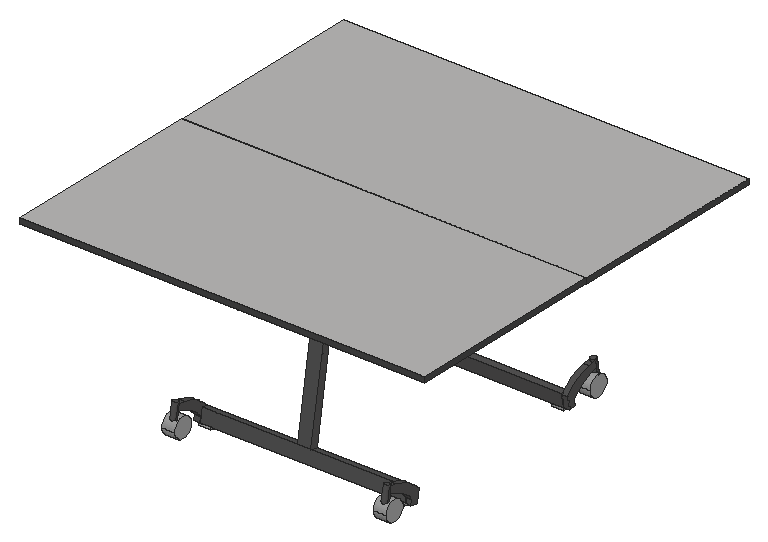
Revit family "22M MT 60 Fixed", category Furniture, Revit 2016 (continued)
Definition of nested family "22M 60 Square"
  Forms (in)
    Extrusion 25, solid, material <- "Frame", visible <- "Closed"
      sketch origin (0, 23.38594, 40.67249) x (0, 0.017452, 0.999848) y (0, 0.999848, -0.017452)
        loop
          line (-5.19876, -23.51275) -> (-7.12731, -23.51275) -> (-7.81854, -23.99675) -> (-14.81854, -23.99675) -> (-14.81854, -26.13514) -> (-5.31854, -26.13514) -> (-5.31854, -25.5626) -> (-4.05386, -25.5626) -> (-4.05386, -25.12248) -> (-2.43704, -25.12248) -> (-2.43704, -23.39043)
      from 23.6148 to 23.7344
    Extrusion 26, solid, material <- "Frame", visible <- "Closed"
      sketch origin (0, -23.48151, 40.67249) x (0, -0.017452, 0.999848) y (0, -0.999848, -0.017452)
        loop
          arc (-2.43704, -23.39043) -> (-2.6018, -22.99268) -> (-2.99954, -22.82793) r 0.5625
          line (-2.99954, -22.82793) -> (-4.54797, -22.82793)
          arc (-4.54797, -22.82793) -> (-4.68885, -22.88628) -> (-4.7472, -23.02716) r 0.19923
          line (-4.7472, -23.02716) -> (-4.80307, -23.23569)
          arc (-4.80307, -23.23569) -> (-4.96774, -23.4216) -> (-5.19876, -23.51275) r 0.53311
          line (-5.19876, -23.51275) -> (-7.12731, -23.51275) -> (-7.81854, -23.99675) -> (-14.81854, -23.99675) -> (-14.81854, -26.13514) -> (-5.31854, -26.13514) -> (-5.31854, -25.5626) -> (-4.05386, -25.5626) -> (-4.05386, -25.12248) -> (-2.43704, -25.12248) -> (-2.43704, -23.39043)
      from -23.8544 to -23.7344
    Extrusion 27, solid, material <- "Frame", visible <- "Closed"
      sketch origin (0, 23.38594, 40.67249) x (0, 0.017452, 0.999848) y (0, 0.999848, -0.017452)
        loop
          arc (-2.43704, -23.39043) -> (-2.6018, -22.99268) -> (-2.99954, -22.82793) r 0.5625
          line (-2.99954, -22.82793) -> (-4.54797, -22.82793)
          arc (-4.54797, -22.82793) -> (-4.68885, -22.88628) -> (-4.7472, -23.02716) r 0.19923
          line (-4.7472, -23.02716) -> (-4.80307, -23.23569)
          arc (-4.80307, -23.23569) -> (-4.96774, -23.4216) -> (-5.19876, -23.51275) r 0.53311
          line (-5.19876, -23.51275) -> (-7.12731, -23.51275) -> (-7.81854, -23.99675) -> (-14.81854, -23.99675) -> (-14.81854, -26.13514) -> (-5.31854, -26.13514) -> (-5.31854, -25.5626) -> (-4.05386, -25.5626) -> (-4.05386, -25.12248) -> (-2.43704, -25.12248) -> (-2.43704, -23.39043)
      from 17.25 to 17.375
    Extrusion 28, solid, material <- "Frame", visible <- "Closed"
      sketch origin (0, -23.48151, 40.67249) x (0, -0.017452, 0.999848) y (0, -0.999848, -0.017452)
        loop
          arc (-2.43704, -23.39043) -> (-2.6018, -22.99268) -> (-2.99954, -22.82793) r 0.5625
          line (-2.99954, -22.82793) -> (-4.54797, -22.82793)
          arc (-4.54797, -22.82793) -> (-4.68885, -22.88628) -> (-4.7472, -23.02716) r 0.19923
          line (-4.7472, -23.02716) -> (-4.80307, -23.23569)
          arc (-4.80307, -23.23569) -> (-4.96774, -23.4216) -> (-5.19876, -23.51275) r 0.53311
          line (-5.19876, -23.51275) -> (-7.12731, -23.51275) -> (-7.81854, -23.99675) -> (-14.81854, -23.99675) -> (-14.81854, -26.13514) -> (-5.31854, -26.13514) -> (-5.31854, -25.5626) -> (-4.05386, -25.5626) -> (-4.05386, -25.12248) -> (-2.43704, -25.12248) -> (-2.43704, -23.39043)
      from -17.5 to -17.375
  Dimensions and locks (in)
    locked: plane 5 to plane 6 at 2.125
    locked: plane 4 to plane 5 at 0.8125
    "Height": plane 4 to level
    aligned and locked: level to plane 2
    aligned and locked: plane 5 to Extrusion 1
    aligned and locked: Extrusion 1 to plane 6
    aligned and locked: plane 4 to Extrusion 2
    aligned and locked: Extrusion 2 to plane 5
    aligned and locked: plane 4 to Extrusion 6
    aligned and locked: Extrusion 6 to plane 5
    aligned and locked: Extrusion 5 to plane 6
    aligned and locked: plane 5 to Extrusion 5
  Automatic sketch dimensions
    Extrusion 1 sketch curve to plane 3 "Center Left/Right" = 0' - 0"  (x2)
    Extrusion 1 sketch curve to plane 3 "Center Left/Right" = 1' - 6.87392"
    Extrusion 1 sketch curve to Extrusion 1 sketch curve = 0' - 0.38268"  (x4)
    plane 1 "Center Front/Back" to Extrusion 1 sketch curve = 0' - 8.11796"
    Extrusion 1 sketch curve to Extrusion 1 sketch curve = 0' - 4.42718"  (x2)
    plane 1 "Center Front/Back" to Extrusion 1 sketch curve = 0' - 8.21742"
    Extrusion 1 sketch curve to Extrusion 1 sketch curve = 0' - 0 1/2"  (x2)
    plane 3 "Center Left/Right" to Extrusion 1 sketch curve = 1' - 6.87392"
    plane 1 "Center Front/Back" to Extrusion 1 sketch curve = 0' - 5 1/16"
    Extrusion 1 sketch curve to Extrusion 1 sketch curve = 1' - 1.74361"
    Extrusion 1 sketch curve to Extrusion 1 sketch curve = 0' - 10.68815"
    Extrusion 1 sketch curve to Extrusion 1 sketch curve = 0' - 7.81783"
    Extrusion 1 sketch curve to Extrusion 1 sketch curve = 0' - 0.5412"
    Extrusion 1 sketch curve to Extrusion 1 sketch curve = 0' - 3.15492"
    Extrusion 1 sketch curve to Extrusion 1 sketch curve = 0' - 0.09946"
    Extrusion 1 sketch curve to Extrusion 1 sketch curve = 0' - 3.05546"
    Extrusion 2 sketch curve to plane 3 "Center Left/Right" = 2' - 6"
    plane 3 "Center Left/Right" to Extrusion 2 sketch curve = 2' - 6"
    plane 1 "Center Front/Back" to Extrusion 2 sketch curve = 2' - 6"
    plane 1 "Center Front/Back" to Extrusion 2 sketch curve = 0' - 0 1/16"
    Extrusion 3 sketch curve to plane 3 "Center Left/Right" = 0' - 0"  (x2)
    Extrusion 3 sketch curve to plane 3 "Center Left/Right" = 1' - 6.87392"
    Extrusion 3 sketch curve to Extrusion 3 sketch curve = 0' - 0.38268"  (x4)
    Extrusion 3 sketch curve to Extrusion 3 sketch curve = 0' - 4.42718"  (x2)
    Extrusion 3 sketch curve to Extrusion 3 sketch curve = 0' - 0 1/2"  (x2)
    plane 3 "Center Left/Right" to Extrusion 3 sketch curve = 1' - 6.87392"
    Extrusion 3 sketch curve to Extrusion 3 sketch curve = 0' - 0.5412"
    Extrusion 3 sketch curve to Extrusion 3 sketch curve = 0' - 7.43515"  (x2)
    Extrusion 3 sketch curve to Extrusion 3 sketch curve = 0' - 10.58869"  (x2)
    Extrusion 3 sketch curve to Extrusion 3 sketch curve = 0' - 0.09946"  (x2)
    Extrusion 3 sketch curve to Extrusion 3 sketch curve = 0' - 3.05546"  (x2)
    Extrusion 4 sketch curve to plane 3 "Center Left/Right" = 2' - 6"
    plane 3 "Center Left/Right" to Extrusion 4 sketch curve = 2' - 6"
    Extrusion 4 sketch curve to Extrusion 4 sketch curve = 2' - 5 15/16"
    Extrusion 5 sketch curve to plane 3 "Center Left/Right" = 0' - 0"  (x2)
    plane 3 "Center Left/Right" to Extrusion 5 sketch curve = 1' - 6.87392"
    Extrusion 5 sketch curve to Extrusion 5 sketch curve = 0' - 0.38268"  (x4)
    Extrusion 5 sketch curve to plane 1 "Center Front/Back" = 0' - 8.11796"
    Extrusion 5 sketch curve to Extrusion 5 sketch curve = 0' - 4.42718"  (x2)
    Extrusion 5 sketch curve to Extrusion 5 sketch curve = 0' - 0 1/2"  (x2)
    Extrusion 5 sketch curve to plane 3 "Center Left/Right" = 1' - 6.87392"
    Extrusion 5 sketch curve to plane 1 "Center Front/Back" = 0' - 5 1/16"
    Extrusion 5 sketch curve to Extrusion 5 sketch curve = 0' - 3.05546"  (x2)
    Extrusion 5 sketch curve to Extrusion 5 sketch curve = 0' - 0.09946"  (x2)
    Extrusion 5 sketch curve to Extrusion 5 sketch curve = 0' - 10.68815"  (x2)
    Extrusion 5 sketch curve to Extrusion 5 sketch curve = 0' - 7.81783"
    Extrusion 5 sketch curve to Extrusion 5 sketch curve = 0' - 0.5412"
    plane 3 "Center Left/Right" to Extrusion 6 sketch curve = 2' - 6"
    Extrusion 6 sketch curve to plane 3 "Center Left/Right" = 2' - 6"
    Extrusion 6 sketch curve to plane 1 "Center Front/Back" = 2' - 6"
    Extrusion 6 sketch curve to plane 1 "Center Front/Back" = 0' - 0 1/16"
    Extrusion 7 sketch curve to plane 3 "Center Left/Right" = 0' - 0"  (x2)
    plane 3 "Center Left/Right" to Extrusion 7 sketch curve = 1' - 6.87392"
    Extrusion 7 sketch curve to Extrusion 7 sketch curve = 0' - 0.38268"  (x4)
    Extrusion 7 sketch curve to Extrusion 7 sketch curve = 0' - 4.42718"  (x2)
    Extrusion 7 sketch curve to Extrusion 7 sketch curve = 0' - 0 1/2"  (x2)
    Extrusion 7 sketch curve to plane 3 "Center Left/Right" = 1' - 6.87392"
    Extrusion 7 sketch curve to Extrusion 7 sketch curve = 0' - 0.5412"
    Extrusion 7 sketch curve to Extrusion 7 sketch curve = 0' - 7.43515"  (x2)
    Extrusion 7 sketch curve to Extrusion 7 sketch curve = 0' - 10.58869"  (x2)
    Extrusion 7 sketch curve to Extrusion 7 sketch curve = 0' - 0.09946"  (x2)
    Extrusion 7 sketch curve to Extrusion 7 sketch curve = 0' - 3.05546"  (x2)
    plane 3 "Center Left/Right" to Extrusion 8 sketch curve = 2' - 6"
    Extrusion 8 sketch curve to plane 3 "Center Left/Right" = 2' - 6"
    Extrusion 8 sketch curve to Extrusion 8 sketch curve = 2' - 5 15/16"
    plane 1 "Center Front/Back" to Extrusion 9 sketch curve = 0' - 7.89419"
    Extrusion 9 sketch curve to Extrusion 9 sketch curve = 0' - 3.0274"
    Extrusion 9 sketch curve to Extrusion 9 sketch curve = 0' - 0.69123"
    plane 1 "Center Front/Back" to Extrusion 9 sketch curve = 0' - 2.36678"
    Extrusion 9 sketch curve to Extrusion 9 sketch curve = 0' - 1.8538"
    Extrusion 9 sketch curve to Extrusion 9 sketch curve = 0' - 0.07475"
    Extrusion 9 sketch curve to Extrusion 9 sketch curve = 0' - 0.39569"
    Extrusion 9 sketch curve to Extrusion 9 sketch curve = 0' - 0.05587"
    Extrusion 9 sketch curve to Extrusion 9 sketch curve = 0' - 0 51/256"
    plane 1 "Center Front/Back" to Extrusion 9 sketch curve = 0' - 1.1021"
    plane 1 "Center Front/Back" to Extrusion 9 sketch curve = 0' - 0.04778"
    Extrusion 9 sketch curve to plane 1 "Center Front/Back" = 0' - 0.51472"
    Extrusion 9 sketch curve to plane 6 = 0' - 1.18221"
    Extrusion 9 sketch curve to Extrusion 9 sketch curve = 0' - 0.04225"
    Extrusion 9 sketch curve to Extrusion 9 sketch curve = 0' - 0.20852"
    Extrusion 9 sketch curve to Extrusion 9 sketch curve = 0' - 0.484"
    Extrusion 9 sketch curve to Extrusion 9 sketch curve = 0' - 1.73205"
    Extrusion 9 sketch curve to Extrusion 9 sketch curve = 0' - 0.44012"
    Extrusion 9 sketch curve to Extrusion 9 sketch curve = 0' - 0.57255"
    plane 1 "Center Front/Back" to Extrusion 10 sketch curve = 0' - 0.86578"
    plane 6 to Extrusion 10 sketch curve = 0' - 0.2125"
    Extrusion 10 sketch curve to Extrusion 10 sketch curve = 0' - 7"
    Extrusion 10 sketch curve to Extrusion 10 sketch curve = 0' - 0.69123"
    Extrusion 10 sketch curve to Extrusion 10 sketch curve = 0' - 1.80877"
    Extrusion 10 sketch curve to Extrusion 10 sketch curve = 0' - 1.8538"
    Extrusion 10 sketch curve to Extrusion 10 sketch curve = 0' - 0.07475"
    Extrusion 10 sketch curve to Extrusion 10 sketch curve = 0' - 0.39569"
    Extrusion 10 sketch curve to Extrusion 10 sketch curve = 0' - 0.05587"
    Extrusion 10 sketch curve to Extrusion 10 sketch curve = 0' - 0 51/256"
    Extrusion 10 sketch curve to Extrusion 10 sketch curve = 0' - 1.26468"
    Extrusion 10 sketch curve to Extrusion 10 sketch curve = 0' - 1.54842"
    Extrusion 10 sketch curve to Extrusion 10 sketch curve = 0' - 1.61682"
    Extrusion 10 sketch curve to Extrusion 10 sketch curve = 0' - 0.484"
    Extrusion 10 sketch curve to Extrusion 10 sketch curve = 0' - 0.12232"
    Extrusion 10 sketch curve to Extrusion 10 sketch curve = 0' - 0.20852"
    Extrusion 10 sketch curve to Extrusion 10 sketch curve = 0' - 1.73205"
    Extrusion 10 sketch curve to Extrusion 10 sketch curve = 0' - 0.44012"
    Extrusion 10 sketch curve to Extrusion 10 sketch curve = 0' - 0.57255"
    Extrusion 11 sketch curve to plane 1 "Center Front/Back" = 0' - 8.09355"
    Extrusion 11 sketch curve to Extrusion 11 sketch curve = 0' - 3.32234"
    Extrusion 11 sketch curve to Extrusion 11 sketch curve = 0' - 0.69123"
    Extrusion 11 sketch curve to plane 1 "Center Front/Back" = 0' - 2.27122"
    Extrusion 11 sketch curve to Extrusion 11 sketch curve = 0' - 1.8538"
    Extrusion 11 sketch curve to Extrusion 11 sketch curve = 0' - 0.07475"
    Extrusion 11 sketch curve to Extrusion 11 sketch curve = 0' - 0.39569"
    Extrusion 11 sketch curve to Extrusion 11 sketch curve = 0' - 0.05587"
    Extrusion 11 sketch curve to Extrusion 11 sketch curve = 0' - 0 51/256"
    Extrusion 11 sketch curve to plane 1 "Center Front/Back" = 0' - 1.00653"
    plane 1 "Center Front/Back" to Extrusion 11 sketch curve = 0' - 0.04778"
    plane 1 "Center Front/Back" to Extrusion 11 sketch curve = 0' - 0.61028"
    Extrusion 11 sketch curve to plane 6 = 0' - 1.18221"
    Extrusion 11 sketch curve to Extrusion 11 sketch curve = 0' - 0.04225"
    Extrusion 11 sketch curve to Extrusion 11 sketch curve = 0' - 0.20852"
    Extrusion 11 sketch curve to Extrusion 11 sketch curve = 0' - 0.484"
    Extrusion 11 sketch curve to Extrusion 11 sketch curve = 0' - 1.73205"
    Extrusion 11 sketch curve to Extrusion 11 sketch curve = 0' - 0.44012"
    Extrusion 11 sketch curve to Extrusion 11 sketch curve = 0' - 0.57255"
    Extrusion 12 sketch curve to plane 1 "Center Front/Back" = 0' - 0.77021"
    plane 6 to Extrusion 12 sketch curve = 0' - 0.2125"
    Extrusion 12 sketch curve to Extrusion 12 sketch curve = 0' - 7"
    Extrusion 12 sketch curve to Extrusion 12 sketch curve = 0' - 0.69123"
    Extrusion 12 sketch curve to Extrusion 12 sketch curve = 0' - 1.80877"
    Extrusion 12 sketch curve to Extrusion 12 sketch curve = 0' - 1.8538"
    Extrusion 12 sketch curve to Extrusion 12 sketch curve = 0' - 0.07475"
    Extrusion 12 sketch curve to Extrusion 12 sketch curve = 0' - 0.39569"
    Extrusion 12 sketch curve to Extrusion 12 sketch curve = 0' - 0.05587"
    Extrusion 12 sketch curve to Extrusion 12 sketch curve = 0' - 0 51/256"
    Extrusion 12 sketch curve to Extrusion 12 sketch curve = 0' - 1.26468"
    Extrusion 12 sketch curve to Extrusion 12 sketch curve = 0' - 1.54842"
    Extrusion 12 sketch curve to Extrusion 12 sketch curve = 0' - 1.61682"
    Extrusion 12 sketch curve to Extrusion 12 sketch curve = 0' - 0.484"
    Extrusion 12 sketch curve to Extrusion 12 sketch curve = 0' - 0.12232"
    Extrusion 12 sketch curve to Extrusion 12 sketch curve = 0' - 0.20852"
    Extrusion 12 sketch curve to Extrusion 12 sketch curve = 0' - 1.73205"
    Extrusion 12 sketch curve to Extrusion 12 sketch curve = 0' - 0.44012"
    Extrusion 12 sketch curve to Extrusion 12 sketch curve = 0' - 0.57255"
    plane 1 "Center Front/Back" to Extrusion 13 sketch curve = 0' - 7.89419"
    Extrusion 13 sketch curve to Extrusion 13 sketch curve = 0' - 3.0274"
    Extrusion 13 sketch curve to Extrusion 13 sketch curve = 0' - 0.69123"
    plane 1 "Center Front/Back" to Extrusion 13 sketch curve = 0' - 2.36678"
    Extrusion 13 sketch curve to Extrusion 13 sketch curve = 0' - 1.8538"
    Extrusion 13 sketch curve to Extrusion 13 sketch curve = 0' - 0.07475"
    Extrusion 13 sketch curve to Extrusion 13 sketch curve = 0' - 0.39569"
    Extrusion 13 sketch curve to Extrusion 13 sketch curve = 0' - 0.05587"
    Extrusion 13 sketch curve to Extrusion 13 sketch curve = 0' - 0 51/256"
    plane 1 "Center Front/Back" to Extrusion 13 sketch curve = 0' - 1.1021"
    plane 1 "Center Front/Back" to Extrusion 13 sketch curve = 0' - 0.04778"
    Extrusion 13 sketch curve to plane 1 "Center Front/Back" = 0' - 0.51472"
    Extrusion 13 sketch curve to plane 6 = 0' - 1.18221"
    Extrusion 13 sketch curve to Extrusion 13 sketch curve = 0' - 0.04225"
    Extrusion 13 sketch curve to Extrusion 13 sketch curve = 0' - 0.20852"
    Extrusion 13 sketch curve to Extrusion 13 sketch curve = 0' - 0.484"
    Extrusion 13 sketch curve to Extrusion 13 sketch curve = 0' - 1.73205"
    Extrusion 13 sketch curve to Extrusion 13 sketch curve = 0' - 0.44012"
    Extrusion 13 sketch curve to Extrusion 13 sketch curve = 0' - 0.57255"
    Extrusion 14 sketch curve to plane 1 "Center Front/Back" = 0' - 8.09355"
    Extrusion 14 sketch curve to Extrusion 14 sketch curve = 0' - 3.32234"
    Extrusion 14 sketch curve to Extrusion 14 sketch curve = 0' - 0.69123"
    Extrusion 14 sketch curve to plane 1 "Center Front/Back" = 0' - 2.27122"
    Extrusion 14 sketch curve to Extrusion 14 sketch curve = 0' - 1.8538"
    Extrusion 14 sketch curve to Extrusion 14 sketch curve = 0' - 0.07475"
    Extrusion 14 sketch curve to Extrusion 14 sketch curve = 0' - 0.39569"
    Extrusion 14 sketch curve to Extrusion 14 sketch curve = 0' - 0.05587"
    Extrusion 14 sketch curve to Extrusion 14 sketch curve = 0' - 0 51/256"
    Extrusion 14 sketch curve to plane 1 "Center Front/Back" = 0' - 1.00653"
    plane 1 "Center Front/Back" to Extrusion 14 sketch curve = 0' - 0.04778"
    plane 1 "Center Front/Back" to Extrusion 14 sketch curve = 0' - 0.61028"
    Extrusion 14 sketch curve to plane 6 = 0' - 1.18221"
    Extrusion 14 sketch curve to Extrusion 14 sketch curve = 0' - 0.04225"
    Extrusion 14 sketch curve to Extrusion 14 sketch curve = 0' - 0.20852"
    Extrusion 14 sketch curve to Extrusion 14 sketch curve = 0' - 0.484"
    Extrusion 14 sketch curve to Extrusion 14 sketch curve = 0' - 1.73205"
    Extrusion 14 sketch curve to Extrusion 14 sketch curve = 0' - 0.44012"
    Extrusion 14 sketch curve to Extrusion 14 sketch curve = 0' - 0.57255"
    plane 1 "Center Front/Back" to Extrusion 15 sketch curve = 0' - 0.86578"
    plane 6 to Extrusion 15 sketch curve = 0' - 0.2125"
    Extrusion 15 sketch curve to Extrusion 15 sketch curve = 0' - 7"
    Extrusion 15 sketch curve to Extrusion 15 sketch curve = 0' - 0.69123"
    Extrusion 15 sketch curve to Extrusion 15 sketch curve = 0' - 1.80877"
    Extrusion 15 sketch curve to Extrusion 15 sketch curve = 0' - 1.8538"
    Extrusion 15 sketch curve to Extrusion 15 sketch curve = 0' - 0.07475"
    Extrusion 15 sketch curve to Extrusion 15 sketch curve = 0' - 0.39569"
    Extrusion 15 sketch curve to Extrusion 15 sketch curve = 0' - 0.05587"
    Extrusion 15 sketch curve to Extrusion 15 sketch curve = 0' - 0 51/256"
    Extrusion 15 sketch curve to Extrusion 15 sketch curve = 0' - 1.26468"
    Extrusion 15 sketch curve to Extrusion 15 sketch curve = 0' - 1.54842"
    Extrusion 15 sketch curve to Extrusion 15 sketch curve = 0' - 1.61682"
    Extrusion 15 sketch curve to Extrusion 15 sketch curve = 0' - 0.484"
    Extrusion 15 sketch curve to Extrusion 15 sketch curve = 0' - 0.12232"
    Extrusion 15 sketch curve to Extrusion 15 sketch curve = 0' - 0.20852"
    Extrusion 15 sketch curve to Extrusion 15 sketch curve = 0' - 1.73205"
    Extrusion 15 sketch curve to Extrusion 15 sketch curve = 0' - 0.44012"
    Extrusion 15 sketch curve to Extrusion 15 sketch curve = 0' - 0.57255"
    Extrusion 16 sketch curve to plane 1 "Center Front/Back" = 0' - 0.77021"
    plane 6 to Extrusion 16 sketch curve = 0' - 0.2125"
    Extrusion 16 sketch curve to Extrusion 16 sketch curve = 0' - 7"
    Extrusion 16 sketch curve to Extrusion 16 sketch curve = 0' - 0.69123"
    Extrusion 16 sketch curve to Extrusion 16 sketch curve = 0' - 1.80877"
    Extrusion 16 sketch curve to Extrusion 16 sketch curve = 0' - 1.8538"
    Extrusion 16 sketch curve to Extrusion 16 sketch curve = 0' - 0.07475"
    Extrusion 16 sketch curve to Extrusion 16 sketch curve = 0' - 0.39569"
    Extrusion 16 sketch curve to Extrusion 16 sketch curve = 0' - 0.05587"
    Extrusion 16 sketch curve to Extrusion 16 sketch curve = 0' - 0 51/256"
    Extrusion 16 sketch curve to Extrusion 16 sketch curve = 0' - 1.26468"
    Extrusion 16 sketch curve to Extrusion 16 sketch curve = 0' - 1.54842"
    Extrusion 16 sketch curve to Extrusion 16 sketch curve = 0' - 1.61682"
    Extrusion 16 sketch curve to Extrusion 16 sketch curve = 0' - 0.484"
    Extrusion 16 sketch curve to Extrusion 16 sketch curve = 0' - 0.12232"
    Extrusion 16 sketch curve to Extrusion 16 sketch curve = 0' - 0.20852"
    Extrusion 16 sketch curve to Extrusion 16 sketch curve = 0' - 1.73205"
    Extrusion 16 sketch curve to Extrusion 16 sketch curve = 0' - 0.44012"
    Extrusion 16 sketch curve to Extrusion 16 sketch curve = 0' - 0.57255"
    Extrusion 17 sketch curve to plane 1 "Center Front/Back" = 0' - 0.77021"
    plane 6 to Extrusion 17 sketch curve = 0' - 0.2125"
    Extrusion 17 sketch curve to Extrusion 17 sketch curve = 0' - 7"
    Extrusion 17 sketch curve to Extrusion 17 sketch curve = 0' - 0.69123"
    Extrusion 17 sketch curve to Extrusion 17 sketch curve = 0' - 1.80877"
    Extrusion 17 sketch curve to Extrusion 17 sketch curve = 0' - 1.8538"
    Extrusion 17 sketch curve to Extrusion 17 sketch curve = 0' - 0.07475"
    Extrusion 17 sketch curve to Extrusion 17 sketch curve = 0' - 0.39569"
    Extrusion 17 sketch curve to Extrusion 17 sketch curve = 0' - 0.05587"
    Extrusion 17 sketch curve to Extrusion 17 sketch curve = 0' - 0 51/256"
    Extrusion 17 sketch curve to Extrusion 17 sketch curve = 0' - 1.26468"
    Extrusion 17 sketch curve to Extrusion 17 sketch curve = 0' - 1.54842"
    Extrusion 17 sketch curve to Extrusion 17 sketch curve = 0' - 1.61682"
    Extrusion 17 sketch curve to Extrusion 17 sketch curve = 0' - 0.484"
    Extrusion 17 sketch curve to Extrusion 17 sketch curve = 0' - 0.12232"
    Extrusion 17 sketch curve to Extrusion 17 sketch curve = 0' - 0.20852"
    Extrusion 17 sketch curve to Extrusion 17 sketch curve = 0' - 1.73205"
    Extrusion 17 sketch curve to Extrusion 17 sketch curve = 0' - 0.44012"
    Extrusion 17 sketch curve to Extrusion 17 sketch curve = 0' - 0.57255"
    Extrusion 18 sketch curve to plane 1 "Center Front/Back" = 0' - 8.09355"
    Extrusion 18 sketch curve to Extrusion 18 sketch curve = 0' - 3.32234"
    Extrusion 18 sketch curve to Extrusion 18 sketch curve = 0' - 0.69123"
    Extrusion 18 sketch curve to plane 1 "Center Front/Back" = 0' - 2.27122"
    Extrusion 18 sketch curve to Extrusion 18 sketch curve = 0' - 1.8538"
    Extrusion 18 sketch curve to Extrusion 18 sketch curve = 0' - 0.07475"
    Extrusion 18 sketch curve to Extrusion 18 sketch curve = 0' - 0.39569"
    Extrusion 18 sketch curve to Extrusion 18 sketch curve = 0' - 0.05587"
    Extrusion 18 sketch curve to Extrusion 18 sketch curve = 0' - 0 51/256"
    Extrusion 18 sketch curve to plane 1 "Center Front/Back" = 0' - 1.00653"
    plane 1 "Center Front/Back" to Extrusion 18 sketch curve = 0' - 0.04778"
    plane 1 "Center Front/Back" to Extrusion 18 sketch curve = 0' - 0.61028"
    Extrusion 18 sketch curve to plane 6 = 0' - 1.18221"
    Extrusion 18 sketch curve to Extrusion 18 sketch curve = 0' - 0.04225"
    Extrusion 18 sketch curve to Extrusion 18 sketch curve = 0' - 0.20852"
    Extrusion 18 sketch curve to Extrusion 18 sketch curve = 0' - 0.484"
    Extrusion 18 sketch curve to Extrusion 18 sketch curve = 0' - 1.73205"
    Extrusion 18 sketch curve to Extrusion 18 sketch curve = 0' - 0.44012"
    Extrusion 18 sketch curve to Extrusion 18 sketch curve = 0' - 0.57255"
    plane 1 "Center Front/Back" to Extrusion 19 sketch curve = 0' - 7.89419"
    Extrusion 19 sketch curve to Extrusion 19 sketch curve = 0' - 3.0274"
    Extrusion 19 sketch curve to Extrusion 19 sketch curve = 0' - 0.69123"
    plane 1 "Center Front/Back" to Extrusion 19 sketch curve = 0' - 2.36678"
    Extrusion 19 sketch curve to Extrusion 19 sketch curve = 0' - 1.8538"
    Extrusion 19 sketch curve to Extrusion 19 sketch curve = 0' - 0.07475"
    Extrusion 19 sketch curve to Extrusion 19 sketch curve = 0' - 0.39569"
    Extrusion 19 sketch curve to Extrusion 19 sketch curve = 0' - 0.05587"
    Extrusion 19 sketch curve to Extrusion 19 sketch curve = 0' - 0 51/256"
    plane 1 "Center Front/Back" to Extrusion 19 sketch curve = 0' - 1.1021"
    plane 1 "Center Front/Back" to Extrusion 19 sketch curve = 0' - 0.04778"
    Extrusion 19 sketch curve to plane 1 "Center Front/Back" = 0' - 0.51472"
    plane 6 to Extrusion 19 sketch curve = 0' - 2 1/8"
    Extrusion 19 sketch curve to Extrusion 19 sketch curve = 0' - 0.57255"
    Extrusion 19 sketch curve to Extrusion 19 sketch curve = 0' - 0.44012"
    Extrusion 19 sketch curve to Extrusion 19 sketch curve = 0' - 1.56584"
    Extrusion 19 sketch curve to Extrusion 19 sketch curve = 0' - 0.484"
    Extrusion 19 sketch curve to Extrusion 19 sketch curve = 0' - 1.73205"
    Extrusion 19 sketch curve to Extrusion 19 sketch curve = 0' - 0.20852"
    Extrusion 20 sketch curve to plane 1 "Center Front/Back" = 0' - 8.09355"
    Extrusion 20 sketch curve to Extrusion 20 sketch curve = 0' - 3.32234"
    Extrusion 20 sketch curve to Extrusion 20 sketch curve = 0' - 0.69123"
    Extrusion 20 sketch curve to plane 1 "Center Front/Back" = 0' - 2.27122"
    Extrusion 20 sketch curve to Extrusion 20 sketch curve = 0' - 1.8538"
    Extrusion 20 sketch curve to Extrusion 20 sketch curve = 0' - 0.07475"
    Extrusion 20 sketch curve to Extrusion 20 sketch curve = 0' - 0.39569"
    Extrusion 20 sketch curve to Extrusion 20 sketch curve = 0' - 0.05587"
    Extrusion 20 sketch curve to Extrusion 20 sketch curve = 0' - 0 51/256"
    Extrusion 20 sketch curve to plane 1 "Center Front/Back" = 0' - 1.00653"
    plane 1 "Center Front/Back" to Extrusion 20 sketch curve = 0' - 0.04778"
    plane 1 "Center Front/Back" to Extrusion 20 sketch curve = 0' - 0.61028"
    plane 6 to Extrusion 20 sketch curve = 0' - 2 1/8"
    Extrusion 20 sketch curve to Extrusion 20 sketch curve = 0' - 0.57255"
    Extrusion 20 sketch curve to Extrusion 20 sketch curve = 0' - 0.44012"
    Extrusion 20 sketch curve to Extrusion 20 sketch curve = 0' - 1.56584"
    Extrusion 20 sketch curve to Extrusion 20 sketch curve = 0' - 0.484"
    Extrusion 20 sketch curve to Extrusion 20 sketch curve = 0' - 1.73205"
    Extrusion 20 sketch curve to Extrusion 20 sketch curve = 0' - 0.20852"
    plane 1 "Center Front/Back" to Extrusion 21 sketch curve = 0' - 7.89419"
    Extrusion 21 sketch curve to Extrusion 21 sketch curve = 0' - 3.0274"
    Extrusion 21 sketch curve to Extrusion 21 sketch curve = 0' - 0.69123"
    plane 1 "Center Front/Back" to Extrusion 21 sketch curve = 0' - 2.36678"
    Extrusion 21 sketch curve to Extrusion 21 sketch curve = 0' - 1.8538"
    Extrusion 21 sketch curve to Extrusion 21 sketch curve = 0' - 0.07475"
    Extrusion 21 sketch curve to Extrusion 21 sketch curve = 0' - 0.39569"
    Extrusion 21 sketch curve to Extrusion 21 sketch curve = 0' - 0.05587"
    Extrusion 21 sketch curve to Extrusion 21 sketch curve = 0' - 0 51/256"
    plane 1 "Center Front/Back" to Extrusion 21 sketch curve = 0' - 1.1021"
    plane 1 "Center Front/Back" to Extrusion 21 sketch curve = 0' - 0.04778"
    Extrusion 21 sketch curve to plane 1 "Center Front/Back" = 0' - 0.51472"
    plane 6 to Extrusion 21 sketch curve = 0' - 2 1/8"
    Extrusion 21 sketch curve to Extrusion 21 sketch curve = 0' - 0.57255"
    Extrusion 21 sketch curve to Extrusion 21 sketch curve = 0' - 0.44012"
    Extrusion 21 sketch curve to Extrusion 21 sketch curve = 0' - 1.56584"
    Extrusion 21 sketch curve to Extrusion 21 sketch curve = 0' - 0.484"
    Extrusion 21 sketch curve to Extrusion 21 sketch curve = 0' - 1.73205"
    Extrusion 21 sketch curve to Extrusion 21 sketch curve = 0' - 0.20852"
    Extrusion 22 sketch curve to plane 1 "Center Front/Back" = 0' - 8.09355"
    Extrusion 22 sketch curve to Extrusion 22 sketch curve = 0' - 3.32234"
    Extrusion 22 sketch curve to Extrusion 22 sketch curve = 0' - 0.69123"
    Extrusion 22 sketch curve to plane 1 "Center Front/Back" = 0' - 2.27122"
    Extrusion 22 sketch curve to Extrusion 22 sketch curve = 0' - 1.8538"
    Extrusion 22 sketch curve to Extrusion 22 sketch curve = 0' - 0.07475"
    Extrusion 22 sketch curve to Extrusion 22 sketch curve = 0' - 0.39569"
    Extrusion 22 sketch curve to Extrusion 22 sketch curve = 0' - 0.05587"
    Extrusion 22 sketch curve to Extrusion 22 sketch curve = 0' - 0 51/256"
    Extrusion 22 sketch curve to plane 1 "Center Front/Back" = 0' - 1.00653"
    plane 1 "Center Front/Back" to Extrusion 22 sketch curve = 0' - 0.04778"
    plane 1 "Center Front/Back" to Extrusion 22 sketch curve = 0' - 0.61028"
    plane 6 to Extrusion 22 sketch curve = 0' - 2 1/8"
    Extrusion 22 sketch curve to Extrusion 22 sketch curve = 0' - 0.57255"
    Extrusion 22 sketch curve to Extrusion 22 sketch curve = 0' - 0.44012"
    Extrusion 22 sketch curve to Extrusion 22 sketch curve = 0' - 1.56584"
    Extrusion 22 sketch curve to Extrusion 22 sketch curve = 0' - 0.484"
    Extrusion 22 sketch curve to Extrusion 22 sketch curve = 0' - 1.73205"
    Extrusion 22 sketch curve to Extrusion 22 sketch curve = 0' - 0.20852"
    Extrusion 23 sketch curve to plane 1 "Center Front/Back" = 0' - 0.77021"
    plane 6 to Extrusion 23 sketch curve = 0' - 0.2125"
    Extrusion 23 sketch curve to Extrusion 23 sketch curve = 0' - 7"
    Extrusion 23 sketch curve to Extrusion 23 sketch curve = 0' - 0.69123"
    Extrusion 23 sketch curve to Extrusion 23 sketch curve = 0' - 1.80877"
    Extrusion 23 sketch curve to Extrusion 23 sketch curve = 0' - 1.8538"
    Extrusion 23 sketch curve to Extrusion 23 sketch curve = 0' - 0.07475"
    Extrusion 23 sketch curve to Extrusion 23 sketch curve = 0' - 0.39569"
    Extrusion 23 sketch curve to Extrusion 23 sketch curve = 0' - 0.05587"
    Extrusion 23 sketch curve to Extrusion 23 sketch curve = 0' - 0 51/256"
    Extrusion 23 sketch curve to Extrusion 23 sketch curve = 0' - 1.26468"
    Extrusion 23 sketch curve to Extrusion 23 sketch curve = 0' - 1.54842"
    Extrusion 23 sketch curve to Extrusion 23 sketch curve = 0' - 1.61682"
    Extrusion 23 sketch curve to Extrusion 23 sketch curve = 0' - 1.12572"
    Extrusion 23 sketch curve to Extrusion 23 sketch curve = 0' - 0.44012"
    Extrusion 23 sketch curve to Extrusion 23 sketch curve = 0' - 2.13839"
    Extrusion 23 sketch curve to Extrusion 23 sketch curve = 0' - 0.484"
    Extrusion 23 sketch curve to Extrusion 23 sketch curve = 0' - 1.73205"
    Extrusion 23 sketch curve to Extrusion 23 sketch curve = 0' - 0.20852"
    Extrusion 24 sketch curve to plane 1 "Center Front/Back" = 0' - 8.09355"
    Extrusion 24 sketch curve to Extrusion 24 sketch curve = 0' - 3.32234"
    Extrusion 24 sketch curve to Extrusion 24 sketch curve = 0' - 0.69123"
    Extrusion 24 sketch curve to plane 1 "Center Front/Back" = 0' - 2.27122"
    Extrusion 24 sketch curve to Extrusion 24 sketch curve = 0' - 1.8538"
    Extrusion 24 sketch curve to Extrusion 24 sketch curve = 0' - 0.07475"
    Extrusion 24 sketch curve to Extrusion 24 sketch curve = 0' - 0.39569"
    Extrusion 24 sketch curve to Extrusion 24 sketch curve = 0' - 0.05587"
    Extrusion 24 sketch curve to Extrusion 24 sketch curve = 0' - 0 51/256"
    Extrusion 24 sketch curve to plane 1 "Center Front/Back" = 0' - 1.00653"
    plane 1 "Center Front/Back" to Extrusion 24 sketch curve = 0' - 0.04778"
    plane 1 "Center Front/Back" to Extrusion 24 sketch curve = 0' - 0.61028"
    plane 6 to Extrusion 24 sketch curve = 0' - 2 1/8"
    Extrusion 24 sketch curve to Extrusion 24 sketch curve = 0' - 0.57255"
    Extrusion 24 sketch curve to Extrusion 24 sketch curve = 0' - 0.44012"
    Extrusion 24 sketch curve to Extrusion 24 sketch curve = 0' - 1.56584"
    Extrusion 24 sketch curve to Extrusion 24 sketch curve = 0' - 0.484"
    Extrusion 24 sketch curve to Extrusion 24 sketch curve = 0' - 1.73205"
    Extrusion 24 sketch curve to Extrusion 24 sketch curve = 0' - 0.20852"
    plane 1 "Center Front/Back" to Extrusion 25 sketch curve = 0' - 0.86578"
    plane 6 to Extrusion 25 sketch curve = 0' - 0.2125"
    Extrusion 25 sketch curve to Extrusion 25 sketch curve = 0' - 7"
    Extrusion 25 sketch curve to Extrusion 25 sketch curve = 0' - 0.69123"
    Extrusion 25 sketch curve to Extrusion 25 sketch curve = 0' - 1.80877"
    Extrusion 25 sketch curve to Extrusion 25 sketch curve = 0' - 1.8538"
    Extrusion 25 sketch curve to Extrusion 25 sketch curve = 0' - 0.07475"
    Extrusion 25 sketch curve to Extrusion 25 sketch curve = 0' - 0.39569"
    Extrusion 25 sketch curve to Extrusion 25 sketch curve = 0' - 0.05587"
    Extrusion 25 sketch curve to Extrusion 25 sketch curve = 0' - 0 51/256"
    Extrusion 25 sketch curve to Extrusion 25 sketch curve = 0' - 1.26468"
    Extrusion 25 sketch curve to Extrusion 25 sketch curve = 0' - 1.54842"
    Extrusion 25 sketch curve to Extrusion 25 sketch curve = 0' - 1.61682"
    Extrusion 25 sketch curve to Extrusion 25 sketch curve = 0' - 1.12572"
    Extrusion 25 sketch curve to Extrusion 25 sketch curve = 0' - 0.44012"
    Extrusion 25 sketch curve to Extrusion 25 sketch curve = 0' - 2.13839"
    Extrusion 25 sketch curve to Extrusion 25 sketch curve = 0' - 0.484"
    Extrusion 25 sketch curve to Extrusion 25 sketch curve = 0' - 1.73205"
    Extrusion 25 sketch curve to Extrusion 25 sketch curve = 0' - 0.20852"
    Extrusion 26 sketch curve to plane 1 "Center Front/Back" = 0' - 0.77021"
    plane 6 to Extrusion 26 sketch curve = 0' - 0.2125"
    Extrusion 26 sketch curve to Extrusion 26 sketch curve = 0' - 7"
    Extrusion 26 sketch curve to Extrusion 26 sketch curve = 0' - 0.69123"
    Extrusion 26 sketch curve to Extrusion 26 sketch curve = 0' - 1.80877"
    Extrusion 26 sketch curve to Extrusion 26 sketch curve = 0' - 1.8538"
    Extrusion 26 sketch curve to Extrusion 26 sketch curve = 0' - 0.07475"
    Extrusion 26 sketch curve to Extrusion 26 sketch curve = 0' - 0.39569"
    Extrusion 26 sketch curve to Extrusion 26 sketch curve = 0' - 0.05587"
    Extrusion 26 sketch curve to Extrusion 26 sketch curve = 0' - 0 51/256"
    Extrusion 26 sketch curve to Extrusion 26 sketch curve = 0' - 1.26468"
    Extrusion 26 sketch curve to Extrusion 26 sketch curve = 0' - 1.54842"
    Extrusion 26 sketch curve to Extrusion 26 sketch curve = 0' - 1.61682"
    Extrusion 26 sketch curve to Extrusion 26 sketch curve = 0' - 1.12572"
    Extrusion 26 sketch curve to Extrusion 26 sketch curve = 0' - 0.44012"
    Extrusion 26 sketch curve to Extrusion 26 sketch curve = 0' - 2.13839"
    Extrusion 26 sketch curve to Extrusion 26 sketch curve = 0' - 0.484"
    Extrusion 26 sketch curve to Extrusion 26 sketch curve = 0' - 1.73205"
    Extrusion 26 sketch curve to Extrusion 26 sketch curve = 0' - 0.20852"
    plane 1 "Center Front/Back" to Extrusion 27 sketch curve = 0' - 0.86578"
    plane 6 to Extrusion 27 sketch curve = 0' - 0.2125"
    Extrusion 27 sketch curve to Extrusion 27 sketch curve = 0' - 7"
    Extrusion 27 sketch curve to Extrusion 27 sketch curve = 0' - 0.69123"
    Extrusion 27 sketch curve to Extrusion 27 sketch curve = 0' - 1.80877"
    Extrusion 27 sketch curve to Extrusion 27 sketch curve = 0' - 1.8538"
    Extrusion 27 sketch curve to Extrusion 27 sketch curve = 0' - 0.07475"
    Extrusion 27 sketch curve to Extrusion 27 sketch curve = 0' - 0.39569"
    Extrusion 27 sketch curve to Extrusion 27 sketch curve = 0' - 0.05587"
    Extrusion 27 sketch curve to Extrusion 27 sketch curve = 0' - 0 51/256"
    Extrusion 27 sketch curve to Extrusion 27 sketch curve = 0' - 1.26468"
    Extrusion 27 sketch curve to Extrusion 27 sketch curve = 0' - 1.54842"
    Extrusion 27 sketch curve to Extrusion 27 sketch curve = 0' - 1.61682"
    Extrusion 27 sketch curve to Extrusion 27 sketch curve = 0' - 1.12572"
    Extrusion 27 sketch curve to Extrusion 27 sketch curve = 0' - 0.44012"
    Extrusion 27 sketch curve to Extrusion 27 sketch curve = 0' - 2.13839"
    Extrusion 27 sketch curve to Extrusion 27 sketch curve = 0' - 0.484"
    Extrusion 27 sketch curve to Extrusion 27 sketch curve = 0' - 1.73205"
    Extrusion 27 sketch curve to Extrusion 27 sketch curve = 0' - 0.20852"
    Extrusion 28 sketch curve to plane 1 "Center Front/Back" = 0' - 0.77021"
    plane 6 to Extrusion 28 sketch curve = 0' - 0.2125"
    Extrusion 28 sketch curve to Extrusion 28 sketch curve = 0' - 7"
    Extrusion 28 sketch curve to Extrusion 28 sketch curve = 0' - 0.69123"
    Extrusion 28 sketch curve to Extrusion 28 sketch curve = 0' - 1.80877"
    Extrusion 28 sketch curve to Extrusion 28 sketch curve = 0' - 1.8538"
    Extrusion 28 sketch curve to Extrusion 28 sketch curve = 0' - 0.07475"
    Extrusion 28 sketch curve to Extrusion 28 sketch curve = 0' - 0.39569"
    Extrusion 28 sketch curve to Extrusion 28 sketch curve = 0' - 0.05587"
    Extrusion 28 sketch curve to Extrusion 28 sketch curve = 0' - 0 51/256"
    Extrusion 28 sketch curve to Extrusion 28 sketch curve = 0' - 1.26468"
    Extrusion 28 sketch curve to Extrusion 28 sketch curve = 0' - 1.54842"
    Extrusion 28 sketch curve to Extrusion 28 sketch curve = 0' - 1.61682"
    Extrusion 28 sketch curve to Extrusion 28 sketch curve = 0' - 1.12572"
    Extrusion 28 sketch curve to Extrusion 28 sketch curve = 0' - 0.44012"
    Extrusion 28 sketch curve to Extrusion 28 sketch curve = 0' - 2.13839"
    Extrusion 28 sketch curve to Extrusion 28 sketch curve = 0' - 0.484"
    Extrusion 28 sketch curve to Extrusion 28 sketch curve = 0' - 1.73205"
    Extrusion 28 sketch curve to Extrusion 28 sketch curve = 0' - 0.20852"
Types (9): name | Shape | Model | Height
  (no name) | 22M 60 Square : 22M 60 Square | "22M132960SQ-MT" | 2' - 5"
  22M MT Round 27" High 60" Size | 22M 60 Round : 22M 60 Round | "22M132760RD-MT" | 2' - 3"
  22M MT Elongated 27" High 60" Size | 22M 60 Elongated : 22M 60 Elongated | "22M132760EL-MT" | 2' - 3"
  22M MT Hex 27" High 60" Size | 22M 60 Hex : 22M 60 Hex | "22M132760HX-MT" | 2' - 3"
  22M MT Square 27" High 60" Size | 22M 60 Square : 22M 60 Square | "22M132760SQ-MT" | 2' - 3"
  22M MT Square 29" High 60" Size | 22M 60 Square : 22M 60 Square | "22M132960SQ-MT" | 2' - 5"
  22M MT Round 29" High 60" Size | 22M 60 Round : 22M 60 Round | "22M132960RD-MT" | 2' - 5"
  22M MT Hex 29" High 60" Size | 22M 60 Hex : 22M 60 Hex | "22M132960HX-MT" | 2' - 5"
  22M MT Elongated 29" High 60" Size | 22M 60 Elongated : 22M 60 Elongated | "22M132960EL-MT" | 2' - 5"
